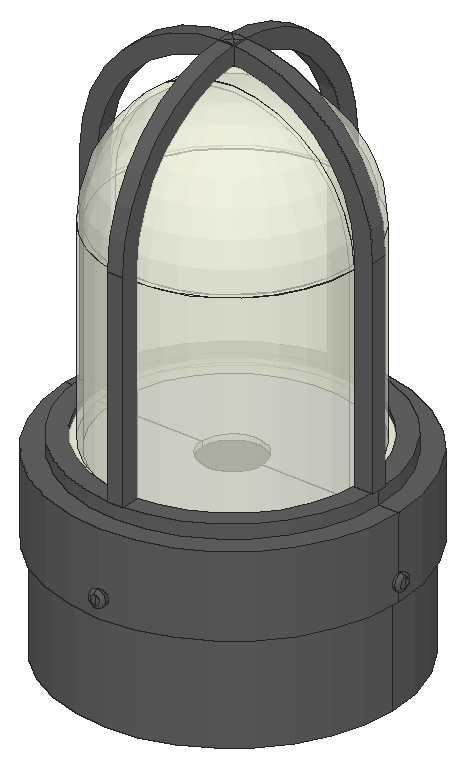
Revit family "PR1", category Generic Models, Revit 2024
Family settings
  Can host rebar = No
  Round Connector Dimension = Use Diameter
  Part Type = Normal
  Work Plane-Based = No
  Always vertical = Yes
  Cut with Voids When Loaded = No
  Maintain Annotation Orientation = No
  Shared = No
  Room Calculation Point = No
Parameters
  Default Elevation = 0' - 0"
Reference planes (in)
  plane 1 "Center (Front/Back)": y = 0
  plane 2: z = 0
  plane 3 "Center (Left/Right)": x = 0
Forms (in)
  Revolve 1, solid
    sketch origin (0, 0, 0) x (1, 0, 0) y (0, 0, 1)
      loop
        line (-3, 3.28125) -> (-3, 0) -> (-0.25, 0) -> (-0.25, 0.09375) -> (-2.90625, 0.09375) -> (-2.90625, 3.1875) -> (-0.568, 3.1875) -> (-0.568, 3.28125) -> (-3, 3.28125)
      axis (0, 3.28125) -> (0, 0)
    angle from 0 to 360
  Revolve 2, solid
    sketch origin (0, 0, 0) x (1, 0, 0) y (0, 0, 1)
      loop
        line (-3.125, 1.875) -> (-3.03125, 1.875) -> (-3.03125, 3.28125) -> (-2.65625, 3.28125) -> (-2.65625, 3.53125) -> (-2.41108, 3.53125) -> (-2.41108, 3.625) -> (-2.75, 3.625) -> (-2.75, 3.375) -> (-3.125, 3.375) -> (-3.125, 1.875)
      axis (0, 3.625) -> (0, 1.875)
    angle from 0 to 360
  Revolve 3, solid
    sketch origin (0, 0, 0) x (1, 0, 0) y (0, 0, 1)
      loop
        line (-3.22718, 2.22976) -> (-2.90568, 2.22976) -> (-2.90568, 2.37976) -> (-3.16759, 2.37976)
        arc (-3.16759, 2.37976) -> (-3.20973, 2.36231) -> (-3.22718, 2.32017) r 0.0596
        line (-3.22718, 2.32017) -> (-3.22718, 2.22976)
      axis (-2.90568, 2.22976) -> (-3.22718, 2.22976)
    angle from 0 to 360
  Revolve 4, solid
    sketch origin (0, 0, 0) x (0, -1, 0) y (0, 0, 1)
      loop
        line (-3.22718, 2.22976) -> (-2.90568, 2.22976) -> (-2.90568, 2.37976) -> (-3.16759, 2.37976)
        arc (-3.16759, 2.37976) -> (-3.20973, 2.36231) -> (-3.22718, 2.32017) r 0.0596
        line (-3.22718, 2.32017) -> (-3.22718, 2.22976)
      axis (-2.90568, 2.22976) -> (-3.22718, 2.22976)
    angle from 0 to 360
  Revolve 5, solid
    sketch origin (0, 0, 0) x (0, 1, 0) y (0, 0, 1)
      loop
        line (-3.22718, 2.22976) -> (-2.90568, 2.22976) -> (-2.90568, 2.37976) -> (-3.16759, 2.37976)
        arc (-3.16759, 2.37976) -> (-3.20973, 2.36231) -> (-3.22718, 2.32017) r 0.0596
        line (-3.22718, 2.32017) -> (-3.22718, 2.22976)
      axis (-2.90568, 2.22976) -> (-3.22718, 2.22976)
    angle from 0 to 360
  Revolve 6, solid
    sketch origin (0, 0, 0) x (-1, 0, 0) y (0, 0, 1)
      loop
        line (-3.22718, 2.22976) -> (-2.90568, 2.22976) -> (-2.90568, 2.37976) -> (-3.16759, 2.37976)
        arc (-3.16759, 2.37976) -> (-3.20973, 2.36231) -> (-3.22718, 2.32017) r 0.0596
        line (-3.22718, 2.32017) -> (-3.22718, 2.22976)
      axis (-2.90568, 2.22976) -> (-3.22718, 2.22976)
    angle from 0 to 360
  Extrusion 7, solid, material "41"
    sketch origin (0, 0, 0) x (1, 0, 0) y (0, 0, 1)
      loop
        line (-2.75, 3.625) -> (-2.412, 3.625) -> (-2.412, 7.5084)
        arc (-2.412, 7.5084) -> (-1.76179, 9.14738) -> (-0.17007, 9.906) r 2.41201
        arc (-0.17007, 9.906) -> (1.64124, 9.26751) -> (2.412, 7.5084) r 2.41201
        line (2.412, 7.5084) -> (2.412, 3.625) -> (2.75, 3.625) -> (2.75, 7.491)
        arc (2.75, 7.491) -> (0, 10.25) -> (-2.75, 7.491) r 2.75001
        line (-2.75, 7.491) -> (-2.75, 3.625)
    from -0.142 to 0.142
  Extrusion 8, solid, material "41"
    sketch origin (0, 0, 0) x (0, 1, 0) y (0, 0, 1)
      loop
        line (-2.75, 3.625) -> (-2.412, 3.625) -> (-2.412, 7.5084)
        arc (-2.412, 7.5084) -> (-1.76179, 9.14738) -> (-0.17007, 9.906) r 2.41201
        arc (-0.17007, 9.906) -> (1.64124, 9.26751) -> (2.412, 7.5084) r 2.41201
        line (2.412, 7.5084) -> (2.412, 3.625) -> (2.75, 3.625) -> (2.75, 7.491)
        arc (2.75, 7.491) -> (0, 10.25) -> (-2.75, 7.491) r 2.75001
        line (-2.75, 7.491) -> (-2.75, 3.625)
    from -0.142 to 0.142
  Revolve 9, solid, material "VAPOR GLASS"
    sketch origin (0, 0, 0) x (1, 0, 0) y (0, 0, 1)
      loop
        line (-2.287, 7.16479) -> (-2.287, 3.50704) -> (-2.61952, 3.50704) -> (-2.61952, 3.375) -> (-2.19325, 3.375) -> (-2.19325, 7.16462)
        arc (-2.19325, 7.16462) -> (-1.54803, 8.7103) -> (0, 9.34986) r 2.19326
        line (0, 9.34986) -> (0, 9.44361)
        arc (0, 9.44361) -> (-1.61426, 8.77666) -> (-2.287, 7.16479) r 2.28701
      axis (0, 9.44361) -> (0, 3.375)
    angle from 0 to 360
Dimensions and locks (in)
  aligned and locked: plane 2 to level
